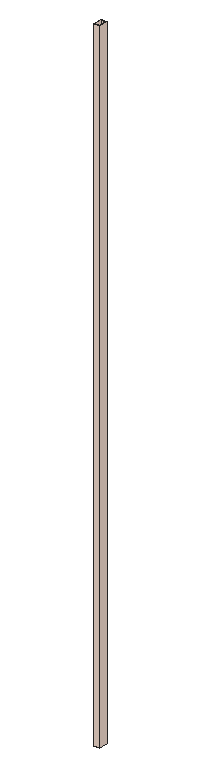
Revit family "sq4025", category 機械設備, Revit 2022
Family settings
  丸型コネクタ寸法 = 直径を使用
  種別 = なし
  パーツ タイプ = 標準
  作業面ベース = いいえ
  常に垂直 = はい
  ロード時にボイドで切り取り = いいえ
  注釈の向きを維持 = いいえ
  共有 = いいえ
  部屋計算ポイント = いいえ
Parameters
  製造元 = "株式会社桐井製作所"
  既定の高さ = 0 mm
  URL = "https://www.kirii.co.jp/"
  K_長さ(mm) [instance] = 3000 mm
  K_材質 = "SGCC　一般用"
  K_断面積A(mm2) = 61.3
  K_断面係数Zy(mm3) = 657.2
  K_断面係数Zx(mm3) = 488.3
  K_断面2次半径iy(mm) = 15.3
  K_断面2次半径ix(mm) = 10
  K_断面2次モーメントIy(mm4) = 14330
  K_断面2次モーメントIx(mm4) = 6104
  K_外形寸法(mm) = "□40×25"
  K_品名 = "SQ-BAR4025"
  K_名称 = "角型スタッド"
  K_単位質量(kg/m) = 0.498
  K_ヤング係数E(N/mm2) = 205000
  K_バージョン情報 = "20210524"
  K_めっき付着量 = "Z08"
  K_JIS規格 = "JIS G 3302"
Reference planes
  plane 1 "中心(正面/背面)": y = 0
  plane 2: z = 0
  plane 3 "中心(左/右)": x = 0
  plane 4: x = 12.5
  plane 5: x = -12.5
  plane 6: y = 20
  plane 7: z = 3000
  plane 8: y = -20
Forms (mm)
  Extrusion 1, solid
    sketch origin (0.5, -20, 0) x (1, 0, 0) y (0, 1, 0)
      loop
        line (-13, 40) -> (-13, 0) -> (12, 0) -> (12, 40) -> (-13, 40)
      loop
        line (-12.5, 39.5) -> (-12.5, 0.5) -> (11.5, 0.5) -> (11.5, 39.5) -> (-12.5, 39.5)
    from 0 to 3000
Dimensions and locks
  locked: Extrusion 1 sketch curve to Extrusion 1 sketch curve at 0.5  (x4)
  "K_長さ(mm)": plane 7 to level
  aligned and locked: level to plane 2
  aligned and locked: Extrusion 1 sketch curve to plane 6
  aligned and locked: plane 7 to Extrusion 1
  aligned and locked: plane 6 to Extrusion 1
  aligned and locked: Extrusion 1 to plane 8
  aligned and locked: Extrusion 1 to plane 5
  aligned and locked: plane 4 to Extrusion 1
Automatic sketch dimensions
  Extrusion 1 sketch curve to plane 4 = 0.5 mm
  plane 5 to Extrusion 1 sketch curve = 0.5 mm
  plane 1 "中心(正面/背面)" to Extrusion 1 sketch curve = 19.5 mm
